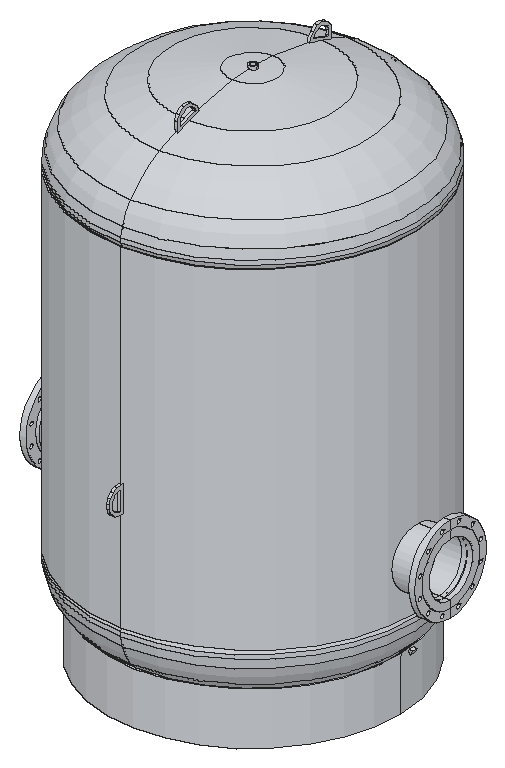
Revit family "CBT-1040-10", category Generic Models, Revit 2014
Parameters (values of type "CBT-1040-10")
  URL = "http://westank.com/"
  Tank Volume = 1040.00 gal
  Part Number = 55601040
  Model = "CBT-1040-10"
  Maximum Shipping Weight = 1945 lbf
  Flange Connector Diameter = 10"
  Description = "Wessels ASME Chilled Water Buffer Tanks (CBT) are designed for chilled water systems with insufficient water volume capacity in relation to the chiller capacity."
  D = 26 3/4"
  C = 54"
  B = 96"
  A = 60"
Reference planes (in)
  plane 1 "Center (Front/Back)": y = 0
  plane 2: z = 0
  plane 3 "Center (Left/Right)": x = 0
  plane 4: through (12.55282, -180, 5.24135) normal (0.8192, 0, -0.5736)
  plane 5: z = 0
  plane 6: x = -0.0258
  plane 7: x = -27
  plane 8: x = 27
  plane 9: x = -30
  plane 10: x = 30
  plane 11: z = 96
  plane 12: z = 26.75
Forms (in)
  Revolve 1, solid
    sketch origin (0, -0.02949, -0.00977) x (0, 1, 0) y (0, 0, 1)
      loop
        line (-29.97363, 17.73105) -> (-29.6633, 17.73105) -> (-29.97363, 16.99998)
        arc (-29.97363, 16.99998) -> (-29.9905, 16.6112) -> (-29.97363, 16.22243) r 4.48712
        arc (-29.97363, 16.22243) -> (-29.85895, 15.37903) -> (-29.6633, 14.55067) r 8.79754
        arc (-29.6633, 14.55067) -> (-28.88711, 12.6325) -> (-27.73091, 10.91637) r 9.94886
        arc (-27.73091, 10.91637) -> (-24.67675, 8.01497) -> (-21.0459, 5.87885) r 18.51926
        arc (-21.0459, 5.87885) -> (-18.06575, 4.56266) -> (-14.9758, 3.53023) r 34.88269
        arc (-14.9758, 3.53023) -> (-9.78068, 2.34042) -> (-4.49193, 1.68164) r 52.6783
        arc (-4.49193, 1.68164) -> (-2.23516, 1.55333) -> (0.02461, 1.49966) r 68.40081
        line (0.02461, 1.49966) -> (0.02461, 1.85123)
        arc (0.02461, 1.85123) -> (-2.22228, 1.90466) -> (-4.46617, 2.03225) r 68.04924
        arc (-4.46617, 2.03225) -> (-9.71963, 2.68664) -> (-14.88008, 3.86851) r 52.32673
        arc (-14.88008, 3.86851) -> (-17.94257, 4.89196) -> (-20.89606, 6.19699) r 34.53113
        arc (-20.89606, 6.19699) -> (-24.46204, 8.29337) -> (-27.46136, 11.14207) r 18.1677
        arc (-27.46136, 11.14207) -> (-28.5767, 12.79754) -> (-29.32546, 14.64794) r 9.5973
        arc (-29.32546, 14.64794) -> (-29.51329, 15.4432) -> (-29.62339, 16.25289) r 8.44598
        arc (-29.62339, 16.25289) -> (-29.63885, 16.58387) -> (-29.62776, 16.91503) r 4.13556
        line (-29.62776, 16.91503) -> (-29.33969, 17.59369) -> (-29.33969, 17.74998) -> (-29.6633, 17.74998) -> (-29.6633, 79.75016) -> (-29.33969, 79.75016) -> (-29.33969, 79.90645) -> (-29.62776, 80.58511)
        arc (-29.62776, 80.58511) -> (-29.63885, 80.91627) -> (-29.62339, 81.24725) r 4.13556
        arc (-29.62339, 81.24725) -> (-29.51329, 82.05694) -> (-29.32546, 82.8522) r 8.44598
        arc (-29.32546, 82.8522) -> (-28.5767, 84.70259) -> (-27.46136, 86.35807) r 9.5973
        arc (-27.46136, 86.35807) -> (-24.46204, 89.20676) -> (-20.89606, 91.30315) r 18.1677
        arc (-20.89606, 91.30315) -> (-17.94257, 92.60818) -> (-14.88008, 93.63163) r 34.53113
        arc (-14.88008, 93.63163) -> (-9.71963, 94.81349) -> (-4.46617, 95.46788) r 52.32673
        arc (-4.46617, 95.46788) -> (-2.22228, 95.59548) -> (0.02461, 95.6489) r 68.04924
        line (0.02461, 95.6489) -> (0.02461, 96.00047)
        arc (0.02461, 96.00047) -> (-2.23516, 95.94681) -> (-4.49193, 95.8185) r 68.40081
        arc (-4.49193, 95.8185) -> (-9.78068, 95.15972) -> (-14.9758, 93.96991) r 52.6783
        arc (-14.9758, 93.96991) -> (-18.06575, 92.93748) -> (-21.0459, 91.62128) r 34.88269
        arc (-21.0459, 91.62128) -> (-24.67675, 89.48517) -> (-27.73091, 86.58376) r 18.51926
        arc (-27.73091, 86.58376) -> (-28.88711, 84.86764) -> (-29.6633, 82.94946) r 9.94886
        arc (-29.6633, 82.94946) -> (-29.85895, 82.1211) -> (-29.97363, 81.27771) r 8.79754
        arc (-29.97363, 81.27771) -> (-29.9905, 80.88893) -> (-29.97363, 80.50016) r 4.48712
        line (-29.97363, 80.50016) -> (-29.6633, 79.76908) -> (-29.97363, 79.76908) -> (-29.97363, 17.73105)
      axis (0.02461, 1.49966) -> (0.02461, 96.00047)
    angle from 0 to 360
  Extrusion 2, solid
    sketch origin (28.26367, -180, 12.16905) x (0.574357, 0, 0.818605) y (0, -1, 0)
      loop
        line (-0.16036, -179.52645) -> (-0.95521, -179.68698) -> (-0.79485, -180.48095) -> (0, -180.32042) -> (-0.16036, -179.52645)
    from 1.02698 to 1.52678
  Extrusion 3, solid
    sketch origin (0, -18.00821, 14.98097) x (0, 1, 0) y (0, 0, 1)
      loop
        line (-11.93439, 21.33067) -> (-11.93439, 26.202)
        arc (-11.93439, 26.202) -> (-12.47846, 26.15164) -> (-13.01533, 26.05008) r 5.77422
        arc (-13.01533, 26.05008) -> (-13.49297, 25.89754) -> (-13.94252, 25.67548) r 3.35288
        arc (-13.94252, 25.67548) -> (-14.34081, 25.36666) -> (-14.64962, 24.96837) r 2.0073
        arc (-14.64962, 24.96837) -> (-14.80343, 24.58932) -> (-14.88788, 24.18906) r 2.30742
        arc (-14.88788, 24.18906) -> (-14.91277, 23.77188) -> (-14.88788, 23.3547) r 3.50846
        arc (-14.88788, 23.3547) -> (-14.79412, 22.92876) -> (-14.61961, 22.52904) r 2.24053
        arc (-14.61961, 22.52904) -> (-14.27401, 22.08806) -> (-13.80999, 21.77406) r 1.8078
        arc (-13.80999, 21.77406) -> (-13.34321, 21.55591) -> (-12.84107, 21.44044) r 2.44481
        arc (-12.84107, 21.44044) -> (-12.39043, 21.36326) -> (-11.93439, 21.33067) r 4.65484
      loop
        arc (-12.44611, 25.63929) -> (-12.67227, 25.60073) -> (-12.89654, 25.55235) r 5.2625
        arc (-12.89654, 25.55235) -> (-13.30128, 25.42308) -> (-13.68221, 25.23491) r 2.84116
        arc (-13.68221, 25.23491) -> (-13.97364, 25.01013) -> (-14.20134, 24.72098) r 1.49558
        arc (-14.20134, 24.72098) -> (-14.3163, 24.43235) -> (-14.37979, 24.12821) r 1.7957
        arc (-14.37979, 24.12821) -> (-14.40106, 23.77188) -> (-14.37979, 23.41555) r 2.99674
        arc (-14.37979, 23.41555) -> (-14.30745, 23.08689) -> (-14.17279, 22.77846) r 1.72881
        arc (-14.17279, 22.77846) -> (-13.91552, 22.45353) -> (-13.56884, 22.22643) r 1.29608
        arc (-13.56884, 22.22643) -> (-13.1779, 22.0402) -> (-12.75531, 21.94566) r 1.9331
        arc (-12.75531, 21.94566) -> (-12.60126, 21.91347) -> (-12.44611, 21.88716) r 4.14312
        line (-12.44611, 21.88716) -> (-12.44611, 25.63929)
    from -0.24366 to 0.25634
  Extrusion 4, solid
    sketch origin (0, -33.88542, 75.23871) x (0, 0.319235, -0.947675) y (0, 0.947675, 0.319235)
      loop
        arc (-11.9298, 25.67102) -> (-12.15596, 25.63246) -> (-12.38023, 25.58408) r 5.2625
        arc (-12.38023, 25.58408) -> (-12.78497, 25.45482) -> (-13.16591, 25.26664) r 2.84116
        arc (-13.16591, 25.26664) -> (-13.45733, 25.04186) -> (-13.68503, 24.75271) r 1.49558
        arc (-13.68503, 24.75271) -> (-13.8, 24.46408) -> (-13.86349, 24.15994) r 1.7957
        arc (-13.86349, 24.15994) -> (-13.88475, 23.80361) -> (-13.86349, 23.44728) r 2.99674
        arc (-13.86349, 23.44728) -> (-13.79114, 23.11862) -> (-13.65649, 22.81019) r 1.72881
        arc (-13.65649, 22.81019) -> (-13.39922, 22.48527) -> (-13.05253, 22.25816) r 1.29608
        arc (-13.05253, 22.25816) -> (-12.66159, 22.07193) -> (-12.239, 21.97739) r 1.9331
        arc (-12.239, 21.97739) -> (-12.08496, 21.94521) -> (-11.9298, 21.91889) r 4.14312
        line (-11.9298, 21.91889) -> (-11.9298, 25.67102)
      loop
        line (-11.41103, 21.34851) -> (-11.41103, 26.20181)
        arc (-11.41103, 26.20181) -> (-12.23704, 26.14877) -> (-13.02719, 25.90227) r 3.48194
        arc (-13.02719, 25.90227) -> (-13.54727, 25.6041) -> (-13.99851, 25.20943) r 3.03185
        arc (-13.99851, 25.20943) -> (-14.28248, 24.55653) -> (-14.39992, 23.8543) r 2.91879
        arc (-14.39992, 23.8543) -> (-14.3348, 23.1787) -> (-14.08611, 22.54717) r 2.44012
        arc (-14.08611, 22.54717) -> (-13.716, 22.08641) -> (-13.21844, 21.76749) r 1.83162
        arc (-13.21844, 21.76749) -> (-12.33366, 21.47637) -> (-11.41103, 21.34851) r 5.1769
    from -0.24366 to 0.25634
  Extrusion 5, solid
    sketch origin (0, 0, 0) x (1, 0, 0) y (0, 1, 0)
      loop
        circle (0, 0) r 0.75
      loop
        circle (0, 0) r 0.5
    from 95.70829 to 96.43302
  Extrusion 6, void
    sketch origin (0, 0, 0) x (1, 0, 0) y (0, 1, 0)
      loop
        circle (0, 0) r 0.5
    from 94.47772 to 96.88292
  Revolve 7, solid
    sketch origin (0, 0, 0) x (1, 0, 0) y (0, 0, 1)
      loop
        line (26.68524, 9.73105) -> (26.68524, 0) -> (26.99808, 0) -> (26.99808, 9.73105) -> (26.68524, 9.73105)
      axis (0, 9.73105) -> (0, 0)
    angle from 0 to 360
  Extrusion 8, void
    sketch origin (0, 0, 0.75) x (0, 1, 0) y (0, 0, 1)
      loop
        circle (0, 26) r 5.01004
    from -31.75655 to 32.4227
  Revolve 9, solid
    sketch origin (-4.98614, 0, 5.5004) x (-1, 0, 0) y (0, 0, 1)
      loop
        line (29.07636, 16.2496) -> (29.07636, 15.2496) -> (29.82636, 15.2496) -> (29.82636, 13.24645) -> (30.95129, 13.24645) -> (30.95129, 14.8746) -> (31.01386, 14.8746) -> (31.01386, 16.2496) -> (29.07636, 16.2496)
      axis (31.01386, 21.2496) -> (29.07636, 21.2496)
    angle from 0 to 360
  Revolve 10, solid
    sketch origin (-3.60333, 0, 5.47111) x (1, 0, 0) y (0, 0, 1)
      loop
        line (-31.27159, 16.26885) -> (-31.27159, 15.90389) -> (-24.89667, 15.90389) -> (-24.89667, 16.26885) -> (-31.27159, 16.26885)
      axis (-31.27159, 21.27889) -> (-24.89667, 21.27889)
    angle from 0 to 360
  Extrusion 11, void
    sketch origin (0, 0, 4.24977) x (0, 1, 0) y (0, 0, 1)
      loop
        circle (1.85738, 29.41445) r 0.5
      loop
        circle (-1.85482, 29.3816) r 0.5
      loop
        circle (5.0364, 27.56292) r 0.5
      loop
        circle (6.89371, 24.35879) r 0.5
      loop
        circle (6.87199, 20.65503) r 0.5
      loop
        circle (5.02554, 17.4509) r 0.5
      loop
        circle (1.84314, 15.61532) r 0.5
      loop
        circle (-1.84976, 15.61532) r 0.5
      loop
        circle (-5.04303, 17.47263) r 0.5
      loop
        circle (-6.87861, 20.65503) r 0.5
      loop
        circle (-6.86775, 24.33707) r 0.5
      loop
        circle (-5.01044, 27.5412) r 0.5
    from -37.7315 to -32.22895
  Extrusion 12, solid
    sketch origin (0, 33.88542, 75.23871) x (0, -0.319235, -0.947675) y (0, 0.947675, -0.319235)
      loop
        line (-11.9298, -25.67102) -> (-11.9298, -21.91889)
        arc (-11.9298, -21.91889) -> (-12.08496, -21.94521) -> (-12.239, -21.97739) r 4.14312
        arc (-12.239, -21.97739) -> (-12.66159, -22.07193) -> (-13.05253, -22.25816) r 1.9331
        arc (-13.05253, -22.25816) -> (-13.39922, -22.48527) -> (-13.65649, -22.81019) r 1.29608
        arc (-13.65649, -22.81019) -> (-13.79114, -23.11862) -> (-13.86349, -23.44728) r 1.72881
        arc (-13.86349, -23.44728) -> (-13.88475, -23.80361) -> (-13.86349, -24.15994) r 2.99674
        arc (-13.86349, -24.15994) -> (-13.8, -24.46408) -> (-13.68503, -24.75271) r 1.7957
        arc (-13.68503, -24.75271) -> (-13.45733, -25.04186) -> (-13.16591, -25.26664) r 1.49558
        arc (-13.16591, -25.26664) -> (-12.78497, -25.45482) -> (-12.38023, -25.58408) r 2.84116
        arc (-12.38023, -25.58408) -> (-12.15596, -25.63246) -> (-11.9298, -25.67102) r 5.2625
      loop
        arc (-11.41103, -21.34851) -> (-12.33366, -21.47637) -> (-13.21844, -21.76749) r 5.1769
        arc (-13.21844, -21.76749) -> (-13.716, -22.08641) -> (-14.08611, -22.54717) r 1.83162
        arc (-14.08611, -22.54717) -> (-14.3348, -23.1787) -> (-14.39992, -23.8543) r 2.44012
        arc (-14.39992, -23.8543) -> (-14.28248, -24.55653) -> (-13.99851, -25.20943) r 2.91879
        arc (-13.99851, -25.20943) -> (-13.54727, -25.6041) -> (-13.02719, -25.90227) r 3.03185
        arc (-13.02719, -25.90227) -> (-12.23704, -26.14877) -> (-11.41103, -26.20181) r 3.48194
        line (-11.41103, -26.20181) -> (-11.41103, -21.34851)
    from -0.24366 to 0.25634
  Revolve 13, solid
    sketch origin (4.98614, 0, 5.5004) x (1, 0, 0) y (0, 0, 1)
      loop
        line (29.07636, 16.2496) -> (29.07636, 15.2496) -> (29.82636, 15.2496) -> (29.82636, 13.24645) -> (30.95129, 13.24645) -> (30.95129, 14.8746) -> (31.01386, 14.8746) -> (31.01386, 16.2496) -> (29.07636, 16.2496)
      axis (31.01386, 21.2496) -> (29.07636, 21.2496)
    angle from 0 to 360
  Revolve 14, solid
    sketch origin (3.60333, 0, 5.47111) x (-1, 0, 0) y (0, 0, 1)
      loop
        line (-31.27159, 16.26885) -> (-31.27159, 15.90389) -> (-24.89667, 15.90389) -> (-24.89667, 16.26885) -> (-31.27159, 16.26885)
      axis (-31.27159, 21.27889) -> (-24.89667, 21.27889)
    angle from 0 to 360
  Extrusion 15, void
    sketch origin (0, 0, 4.24977) x (0, 1, 0) y (0, 0, -1)
      loop
        circle (1.85738, -29.41445) r 0.5
      loop
        circle (-1.85482, -29.3816) r 0.5
      loop
        circle (5.0364, -27.56292) r 0.5
      loop
        circle (6.89371, -24.35879) r 0.5
      loop
        circle (6.87199, -20.65503) r 0.5
      loop
        circle (5.02554, -17.4509) r 0.5
      loop
        circle (1.84314, -15.61532) r 0.5
      loop
        circle (-1.84976, -15.61532) r 0.5
      loop
        circle (-5.04303, -17.47263) r 0.5
      loop
        circle (-6.87861, -20.65503) r 0.5
      loop
        circle (-6.86775, -24.33707) r 0.5
      loop
        circle (-5.01044, -27.5412) r 0.5
    from -37.7315 to -32.22895
Cuts and joins
  joined: Extrusion 2, Extrusion 3, Extrusion 4, Extrusion 5, Revolve 7
  Extrusion 6, Extrusion 8, Extrusion 11 cuts Revolve 1
  Extrusion 11, Extrusion 15 cuts Revolve 9
  Extrusion 15 cuts Revolve 13
Dimensions and locks (in)
  "B": plane 11 to level
  equal spacing: plane 10, plane 3 "Center (Left/Right)", plane 9
  "A": plane 10 to plane 9
  equal spacing: plane 8, plane 3 "Center (Left/Right)", plane 7
  "C": plane 8 to plane 7
  "D": plane 12 to plane 5
  aligned and locked: plane 2 to level
Automatic sketch dimensions
  Revolve 1 sketch curve to Revolve 1 sketch curve = 0"  (x48)
  Revolve 1 sketch curve to plane 12 = 9.02871"
  plane 1 "Center (Front/Back)" to Revolve 1 sketch curve = 30.00312"
  Revolve 1 sketch curve to plane 12 = 9.75979"
  Revolve 1 sketch curve to Revolve 1 sketch curve = 0.31032"
  Revolve 1 sketch curve to plane 12 = 9.84474"
  Revolve 1 sketch curve to Revolve 1 sketch curve = 0.34586"  (x2)
  Revolve 1 sketch curve to Revolve 1 sketch curve = 0.32361"  (x2)
  Revolve 1 sketch curve to plane 12 = 9.16608"
  Revolve 1 sketch curve to Revolve 1 sketch curve = 3.83631"  (x2)
  Revolve 1 sketch curve to Revolve 1 sketch curve = 4.29421"  (x2)
  Revolve 1 sketch curve to Revolve 1 sketch curve = 1.10638"  (x2)
  Revolve 1 sketch curve to plane 12 = 3.95466"
  Revolve 1 sketch curve to Revolve 1 sketch curve = 6.57121"  (x2)
  plane 1 "Center (Front/Back)" to Revolve 1 sketch curve = 5.50785"  (x2)
  plane 1 "Center (Front/Back)" to Revolve 1 sketch curve = 0.66268"  (x2)
  plane 1 "Center (Front/Back)" to Revolve 1 sketch curve = 0.00488"  (x3)
  Revolve 1 sketch curve to plane 1 "Center (Front/Back)" = 0.48901"  (x2)
  Revolve 1 sketch curve to Revolve 1 sketch curve = 0.98249"  (x2)
  level to Revolve 1 sketch curve = 1.84147"
  Revolve 1 sketch curve to Revolve 1 sketch curve = 45/128"
  Revolve 1 sketch curve to Revolve 1 sketch curve = 0.37347"
  Revolve 1 sketch curve to Revolve 1 sketch curve = 0.31853"  (x2)
  Revolve 1 sketch curve to Revolve 1 sketch curve = 0.01892"  (x2)
  plane 12 to Revolve 1 sketch curve = 0.84168"
  plane 12 to Revolve 1 sketch curve = 10.33533"
  Revolve 1 sketch curve to Revolve 1 sketch curve = 6.18662"  (x2)
  Revolve 1 sketch curve to Revolve 1 sketch curve = 10.93669"
  Revolve 1 sketch curve to Revolve 1 sketch curve = 9.49365"
  Revolve 1 sketch curve to Revolve 1 sketch curve = 4.79634"
  Revolve 1 sketch curve to plane 11 = 16.25961"
  Revolve 1 sketch curve to Revolve 1 sketch curve = 0.15629"
  Revolve 1 sketch curve to Revolve 1 sketch curve = 5.5019"
  Revolve 1 sketch curve to Revolve 1 sketch curve = 0.73108"
  Revolve 1 sketch curve to Revolve 1 sketch curve = 0.08495"
  Revolve 1 sketch curve to plane 11 = 0.36086"
  Revolve 1 sketch curve to plane 11 = 0.00929"
  Revolve 1 sketch curve to plane 11 = 4.38848"
  level to Revolve 1 sketch curve = 5.86909"
  Revolve 1 sketch curve to Revolve 1 sketch curve = 0.14983"  (x2)
  Revolve 1 sketch curve to Revolve 1 sketch curve = 1.29164"
  Revolve 1 sketch curve to Revolve 1 sketch curve = 3 3/4"
  plane 1 "Center (Front/Back)" to Extrusion 2 sketch curve = 0.31302"
  Extrusion 2 sketch curve to plane 1 "Center (Front/Back)" = 0.48095"
  Extrusion 2 sketch curve to Extrusion 2 sketch curve = 0.16036"  (x2)
  plane 1 "Center (Front/Back)" to Extrusion 2 sketch curve = 0.47355"
  Extrusion 2 sketch curve to Extrusion 2 sketch curve = 0.79485"
  Extrusion 2 sketch curve to plane 1 "Center (Front/Back)" = 0.32042"
  Extrusion 3 sketch curve to Extrusion 3 sketch curve = 0"  (x24)
  plane 1 "Center (Front/Back)" to Extrusion 3 sketch curve = 31.04931"
  Extrusion 3 sketch curve to Extrusion 3 sketch curve = 0.11966"
  Extrusion 3 sketch curve to Extrusion 3 sketch curve = 0.25819"
  Extrusion 3 sketch curve to Extrusion 3 sketch curve = 17/256"
  Extrusion 3 sketch curve to Extrusion 3 sketch curve = 0.04958"
  Extrusion 3 sketch curve to Extrusion 3 sketch curve = 0.15073"
  Extrusion 3 sketch curve to Extrusion 3 sketch curve = 0.20915"
  Extrusion 3 sketch curve to Extrusion 3 sketch curve = 131/256"
  Extrusion 3 sketch curve to Extrusion 3 sketch curve = 0.10338"
  Extrusion 3 sketch curve to Extrusion 3 sketch curve = 0.25955"
  Extrusion 3 sketch curve to Extrusion 3 sketch curve = 1.14294"
  plane 12 to Extrusion 3 sketch curve = 8.66459"
  Extrusion 3 sketch curve to Extrusion 3 sketch curve = 0.89706"
  Extrusion 3 sketch curve to Extrusion 3 sketch curve = 0.55648"
  Extrusion 3 sketch curve to Extrusion 3 sketch curve = 0.90165"
  Extrusion 3 sketch curve to Extrusion 3 sketch curve = 0.62139"
  Extrusion 3 sketch curve to Extrusion 3 sketch curve = 27/128"
  Extrusion 3 sketch curve to Extrusion 3 sketch curve = 0.15076"
  Extrusion 3 sketch curve to Extrusion 3 sketch curve = 0.24641"
  Extrusion 3 sketch curve to Extrusion 3 sketch curve = 0.04716"
  Extrusion 3 sketch curve to Extrusion 3 sketch curve = 0.0326"
  Extrusion 3 sketch curve to Extrusion 3 sketch curve = 1.7246"
  Extrusion 3 sketch curve to Extrusion 3 sketch curve = 0.34507"
  Extrusion 3 sketch curve to Extrusion 3 sketch curve = 0.21764"
  Extrusion 3 sketch curve to Extrusion 3 sketch curve = 1.12273"
  Extrusion 3 sketch curve to Extrusion 3 sketch curve = 0.78568"
  Extrusion 3 sketch curve to Extrusion 3 sketch curve = 0.24115"
  Extrusion 3 sketch curve to Extrusion 3 sketch curve = 0.2603"
  Extrusion 3 sketch curve to Extrusion 3 sketch curve = 0.60395"
  Extrusion 3 sketch curve to Extrusion 3 sketch curve = 0.51913"
  Extrusion 3 sketch curve to Extrusion 3 sketch curve = 0.44682"
  Extrusion 3 sketch curve to Extrusion 3 sketch curve = 0.44829"
  Extrusion 4 sketch curve to plane 11 = 1.40836"
  plane 1 "Center (Front/Back)" to Extrusion 4 sketch curve = 15.66843"
  Extrusion 4 sketch curve to Extrusion 4 sketch curve = 0.03301"
  Extrusion 4 sketch curve to Extrusion 4 sketch curve = 0.08665"
  Extrusion 4 sketch curve to Extrusion 4 sketch curve = 0.34483"
  Extrusion 4 sketch curve to Extrusion 4 sketch curve = 17/256"
  Extrusion 4 sketch curve to Extrusion 4 sketch curve = 0.04958"
  Extrusion 4 sketch curve to Extrusion 4 sketch curve = 0.06885"
  Extrusion 4 sketch curve to Extrusion 4 sketch curve = 0.56197"
  Extrusion 4 sketch curve to Extrusion 4 sketch curve = 0.36028"
  Extrusion 4 sketch curve to Extrusion 4 sketch curve = 0.06601"
  Extrusion 4 sketch curve to Extrusion 4 sketch curve = 0.11815"
  Extrusion 4 sketch curve to Extrusion 4 sketch curve = 0.47821"
  Extrusion 4 sketch curve to Extrusion 4 sketch curve = 0.51877"
  Extrusion 4 sketch curve to Extrusion 4 sketch curve = 0.09632"
  Extrusion 4 sketch curve to Extrusion 4 sketch curve = 0.24644"
  Extrusion 4 sketch curve to Extrusion 4 sketch curve = 0.25249"
  Extrusion 4 sketch curve to Extrusion 4 sketch curve = 0.59588"
  Extrusion 4 sketch curve to Extrusion 4 sketch curve = 0.3061"
  Extrusion 4 sketch curve to Extrusion 4 sketch curve = 0.31529"
  Extrusion 4 sketch curve to Extrusion 4 sketch curve = 0.0954"
  Extrusion 4 sketch curve to Extrusion 4 sketch curve = 0.80625"
  Extrusion 4 sketch curve to Extrusion 4 sketch curve = 0.57038"
  Extrusion 4 sketch curve to Extrusion 4 sketch curve = 0.88316"
  Extrusion 4 sketch curve to Extrusion 4 sketch curve = 0.00686"
  Extrusion 4 sketch curve to Extrusion 4 sketch curve = 0.20406"
  Extrusion 4 sketch curve to Extrusion 4 sketch curve = 0.59172"
  Extrusion 4 sketch curve to Extrusion 4 sketch curve = 0.09548"
  Extrusion 4 sketch curve to Extrusion 4 sketch curve = 0.07607"
  Extrusion 4 sketch curve to Extrusion 4 sketch curve = 0.15093"
  Extrusion 4 sketch curve to Extrusion 4 sketch curve = 0.04716"
  Extrusion 4 sketch curve to Extrusion 4 sketch curve = 0.0326"
  Extrusion 4 sketch curve to Extrusion 4 sketch curve = 1.7246"
  Extrusion 4 sketch curve to Extrusion 4 sketch curve = 0.34507"
  Extrusion 4 sketch curve to Extrusion 4 sketch curve = 0.18571"
  Extrusion 4 sketch curve to Extrusion 4 sketch curve = 0.31774"
  Extrusion 4 sketch curve to Extrusion 4 sketch curve = 0"  (x6)
  Extrusion 4 sketch curve to Extrusion 4 sketch curve = 0.1659"
  Extrusion 4 sketch curve to Extrusion 4 sketch curve = 0.13872"
  Extrusion 4 sketch curve to Extrusion 4 sketch curve = 0.42962"
  Extrusion 4 sketch curve to Extrusion 4 sketch curve = 0.51913"
  Extrusion 4 sketch curve to Extrusion 4 sketch curve = 0.31348"
  Extrusion 5 sketch curve to Extrusion 5 sketch curve = 0"  (x2)
  plane 1 "Center (Front/Back)" to Extrusion 5 sketch curve = 0"
  Extrusion 5 sketch curve to plane 3 "Center (Left/Right)" = 0"
  Extrusion 6 sketch curve to Extrusion 6 sketch curve = 0"  (x2)
  plane 1 "Center (Front/Back)" to Extrusion 6 sketch curve = 0"
  Extrusion 6 sketch curve to plane 3 "Center (Left/Right)" = 0"
  plane 6 to Extrusion 6 sketch curve = 0.4742"
  Revolve 7 sketch curve to plane 3 "Center (Left/Right)" = 0"
  Revolve 7 sketch curve to level = 0"
  Revolve 7 sketch curve to plane 8 = 0.31476"
  Revolve 7 sketch curve to plane 8 = 0.00192"
  level to Revolve 7 sketch curve = 9.73105"
  level to Revolve 7 sketch curve = 4.69941"
  Revolve 7 sketch curve to Revolve 7 sketch curve = 1"
  Extrusion 8 sketch curve to Extrusion 8 sketch curve = 0"  (x2)
  Extrusion 8 sketch curve to plane 1 "Center (Front/Back)" = 0"
  Extrusion 8 sketch curve to plane 12 = 0"
  Extrusion 8 sketch curve to Extrusion 8 sketch curve = 5.01004"
  Revolve 9 sketch curve to plane 12 = 0"
  plane 9 to Revolve 9 sketch curve = 4 1/16"
  Revolve 9 sketch curve to Revolve 9 sketch curve = 3/4"
  Revolve 9 sketch curve to Revolve 9 sketch curve = 1.12494"
  Revolve 9 sketch curve to Revolve 9 sketch curve = 0.06256"
  plane 12 to Revolve 9 sketch curve = 5"
  Revolve 9 sketch curve to Revolve 9 sketch curve = 1"
  Revolve 9 sketch curve to Revolve 9 sketch curve = 3/8"
  Revolve 9 sketch curve to Revolve 9 sketch curve = 1.62815"
  plane 9 to Revolve 9 sketch curve = 1.23645"
  plane 9 to Revolve 9 sketch curve = 0.55366"
  Revolve 10 sketch curve to plane 12 = 0"
  Revolve 10 sketch curve to plane 9 = 4.87492"
  Revolve 10 sketch curve to plane 7 = 1 1/2"
  Revolve 10 sketch curve to plane 12 = 5.01004"
  Revolve 10 sketch curve to Revolve 10 sketch curve = 0.36496"
  plane 9 to Revolve 10 sketch curve = 0.62488"
  Revolve 10 sketch curve to Revolve 10 sketch curve = 0.36015"
  Extrusion 11 sketch curve to plane 12 = 1.84519"  (x2)
  plane 1 "Center (Front/Back)" to Extrusion 11 sketch curve = 6.87861"
  plane 12 to Extrusion 11 sketch curve = 1.83684"
  Extrusion 11 sketch curve to Extrusion 11 sketch curve = 0.01086"
  Extrusion 11 sketch curve to Extrusion 11 sketch curve = 1.83559"  (x2)
  Extrusion 11 sketch curve to Extrusion 11 sketch curve = 1.85731"  (x2)
  plane 1 "Center (Front/Back)" to Extrusion 11 sketch curve = 1.85482"
  plane 1 "Center (Front/Back)" to Extrusion 11 sketch curve = 1.84976"
  Extrusion 11 sketch curve to plane 1 "Center (Front/Back)" = 1.84314"
  Extrusion 11 sketch curve to plane 1 "Center (Front/Back)" = 1.85738"
  Extrusion 11 sketch curve to Extrusion 11 sketch curve = 3.18241"  (x2)
  Extrusion 11 sketch curve to Extrusion 11 sketch curve = 3.17903"
  Extrusion 11 sketch curve to Extrusion 11 sketch curve = 1.84645"
  Extrusion 11 sketch curve to Extrusion 11 sketch curve = 3.20413"  (x3)
  Extrusion 11 sketch curve to Extrusion 11 sketch curve = 0"
  plane 12 to Extrusion 11 sketch curve = 1.85856"
  Extrusion 11 sketch curve to Extrusion 11 sketch curve = 1.84041"
  Extrusion 11 sketch curve to Extrusion 11 sketch curve = 1.85153"
  plane 11 to Extrusion 12 sketch curve = 1.40836"
  plane 1 "Center (Front/Back)" to Extrusion 12 sketch curve = 15.66843"
  Extrusion 12 sketch curve to Extrusion 12 sketch curve = 0.03301"
  Extrusion 12 sketch curve to Extrusion 12 sketch curve = 0.08665"
  Extrusion 12 sketch curve to Extrusion 12 sketch curve = 0.34483"
  Extrusion 12 sketch curve to Extrusion 12 sketch curve = 17/256"
  Extrusion 12 sketch curve to Extrusion 12 sketch curve = 0.04958"
  Extrusion 12 sketch curve to Extrusion 12 sketch curve = 0.06885"
  Extrusion 12 sketch curve to Extrusion 12 sketch curve = 0.56197"
  Extrusion 12 sketch curve to Extrusion 12 sketch curve = 0.36028"
  Extrusion 12 sketch curve to Extrusion 12 sketch curve = 0.06601"
  Extrusion 12 sketch curve to Extrusion 12 sketch curve = 0.11815"
  Extrusion 12 sketch curve to Extrusion 12 sketch curve = 0.47821"
  Extrusion 12 sketch curve to Extrusion 12 sketch curve = 0.51877"
  Extrusion 12 sketch curve to Extrusion 12 sketch curve = 0.09632"
  Extrusion 12 sketch curve to Extrusion 12 sketch curve = 0.24644"
  Extrusion 12 sketch curve to Extrusion 12 sketch curve = 0.25249"
  Extrusion 12 sketch curve to Extrusion 12 sketch curve = 0.59588"
  Extrusion 12 sketch curve to Extrusion 12 sketch curve = 0.3061"
  Extrusion 12 sketch curve to Extrusion 12 sketch curve = 0.31529"
  Extrusion 12 sketch curve to Extrusion 12 sketch curve = 0.0954"
  Extrusion 12 sketch curve to Extrusion 12 sketch curve = 0.80625"
  Extrusion 12 sketch curve to Extrusion 12 sketch curve = 0.57038"
  Extrusion 12 sketch curve to Extrusion 12 sketch curve = 0.88316"
  Extrusion 12 sketch curve to Extrusion 12 sketch curve = 0.00686"
  Extrusion 12 sketch curve to Extrusion 12 sketch curve = 0.20406"
  Extrusion 12 sketch curve to Extrusion 12 sketch curve = 0.59172"
  Extrusion 12 sketch curve to Extrusion 12 sketch curve = 0.09548"
  Extrusion 12 sketch curve to Extrusion 12 sketch curve = 0.07607"
  Extrusion 12 sketch curve to Extrusion 12 sketch curve = 0.15093"
  Extrusion 12 sketch curve to Extrusion 12 sketch curve = 0.04716"
  Extrusion 12 sketch curve to Extrusion 12 sketch curve = 0.0326"
  Extrusion 12 sketch curve to Extrusion 12 sketch curve = 1.7246"
  Extrusion 12 sketch curve to Extrusion 12 sketch curve = 0.34507"
  Extrusion 12 sketch curve to Extrusion 12 sketch curve = 0.18571"
  Extrusion 12 sketch curve to Extrusion 12 sketch curve = 0.31774"
  Extrusion 12 sketch curve to Extrusion 12 sketch curve = 0"  (x6)
  Extrusion 12 sketch curve to Extrusion 12 sketch curve = 0.1659"
  Extrusion 12 sketch curve to Extrusion 12 sketch curve = 0.13872"
  Extrusion 12 sketch curve to Extrusion 12 sketch curve = 0.42962"
  Extrusion 12 sketch curve to Extrusion 12 sketch curve = 0.51913"
  Extrusion 12 sketch curve to Extrusion 12 sketch curve = 0.31348"
  Revolve 13 sketch curve to plane 12 = 0"
  plane 10 to Revolve 13 sketch curve = 4 1/16"
  Revolve 13 sketch curve to Revolve 13 sketch curve = 3/4"
  Revolve 13 sketch curve to Revolve 13 sketch curve = 1.12494"
  Revolve 13 sketch curve to Revolve 13 sketch curve = 0.06256"
  Revolve 13 sketch curve to plane 12 = 5"
  Revolve 13 sketch curve to Revolve 13 sketch curve = 1"
  Revolve 13 sketch curve to Revolve 13 sketch curve = 3/8"
  Revolve 13 sketch curve to Revolve 13 sketch curve = 1.62815"
  plane 10 to Revolve 13 sketch curve = 1.23645"
  plane 10 to Revolve 13 sketch curve = 0.55366"
  Revolve 14 sketch curve to plane 12 = 0"
  Revolve 14 sketch curve to plane 10 = 4.87492"
  Revolve 14 sketch curve to plane 8 = 1 1/2"
  plane 12 to Revolve 14 sketch curve = 5.01004"
  Revolve 14 sketch curve to Revolve 14 sketch curve = 0.36496"
  plane 10 to Revolve 14 sketch curve = 0.62488"
  Revolve 14 sketch curve to Revolve 14 sketch curve = 0.36015"
  Extrusion 15 sketch curve to plane 12 = 1.84519"  (x2)
  plane 1 "Center (Front/Back)" to Extrusion 15 sketch curve = 6.87861"
  plane 12 to Extrusion 15 sketch curve = 1.83684"
  Extrusion 15 sketch curve to Extrusion 15 sketch curve = 0.01086"
  Extrusion 15 sketch curve to Extrusion 15 sketch curve = 1.83559"  (x2)
  Extrusion 15 sketch curve to Extrusion 15 sketch curve = 1.85731"  (x2)
  plane 1 "Center (Front/Back)" to Extrusion 15 sketch curve = 1.85482"
  plane 1 "Center (Front/Back)" to Extrusion 15 sketch curve = 1.84976"
  Extrusion 15 sketch curve to plane 1 "Center (Front/Back)" = 1.84314"
  Extrusion 15 sketch curve to plane 1 "Center (Front/Back)" = 1.85738"
  Extrusion 15 sketch curve to Extrusion 15 sketch curve = 3.18241"  (x2)
  Extrusion 15 sketch curve to Extrusion 15 sketch curve = 3.17903"
  Extrusion 15 sketch curve to Extrusion 15 sketch curve = 1.84645"
  plane 12 to Extrusion 15 sketch curve = 1.85856"
  Extrusion 15 sketch curve to Extrusion 15 sketch curve = 3.20413"  (x3)
  Extrusion 15 sketch curve to Extrusion 15 sketch curve = 1.84041"
  Extrusion 15 sketch curve to Extrusion 15 sketch curve = 1.85153"
  Extrusion 15 sketch curve to Extrusion 15 sketch curve = 0"
  radius of Extrusion 5 sketch curve = 3/4"
  radius of Extrusion 5 sketch curve = 1/2"
  radius of Extrusion 11 sketch curve = 1/2"  (x12)
  radius of Extrusion 15 sketch curve = 1/2"  (x12)
Connectors (in)
  piping at (-36, 0, 26.75), diameter 10, driven by "Flange Connector Diameter"
    settings: on Revolve 9, index 2, connector inside diameter 24", connector length 0", flow factor 0, pipe flow 0 GPM, pressure drop 0.00 psi, fitting loss kfactor 0, connector angle 0.00°, fixture units 0, engagement length 0", angle of deflection 0.00°, flow configuration 0, flow direction 0, fitting loss method 0, system type 7, joint type 0, gender type 0, connector reference index 3, connector utility 0, adjustable connector no, is connector primary yes, connector description ""
  piping at (36, 0, 26.75), diameter 10, driven by "Flange Connector Diameter"
    settings: on Revolve 13, index 3, connector inside diameter 24", connector length 0", flow factor 0, pipe flow 0 GPM, pressure drop 0.00 psi, fitting loss kfactor 0, connector angle 0.00°, fixture units 0, engagement length 0", angle of deflection 0.00°, flow configuration 0, flow direction 0, fitting loss method 0, system type 7, joint type 0, gender type 0, connector reference index 2, connector utility 0, adjustable connector no, is connector primary no, connector description ""
